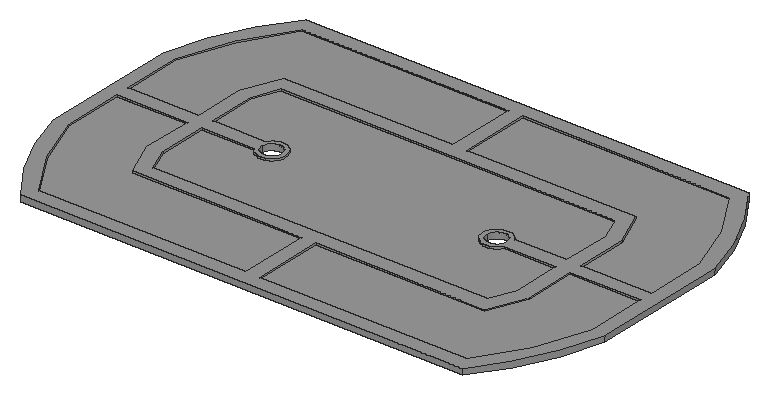
Revit family "ITK_Крышка для сплайс-кассеты", category Обобщенные модели, Revit 2019
Family settings
  Может служить основой для арматурных стержней = Нет
  Размер круглого соединителя = Использовать диаметр
  Тип детали = Нормальный
  На основе рабочей плоскости = Нет
  Всегда вертикально = Да
  При загрузке вырезать с полостями = Нет
  Общий = Нет
  Точка расчета площади = Нет
Parameters (values of type "FOSK-K")
  Степень защиты = ""
  Материал = Окраска - RAL 9005
  Изготовитель = "ITK"  # constant formula
  Дата изменения = ""
  Тип монтажа = ""  # constant formula
  URL = "https://www.iek.ru/"
  KSI_CPr_Строительные изделия = ""
  KSI_CMa_Строительные материалы = "01.7.14.03"  # constant formula
  IEK_Цена за единицу = 35.29
  IEK_Поиск в таблице имен = ""
  IEK_Описание = "Изготовлены из высококачественных материалов.\r\nСоответствие международным стандартам и ГОСТ Р."
  IEK_URL = "https://www.itk-group.ru/produktsiya/catalog/oborudovanie_telekommunikatsionnoe/komponenty_sks_opticheskie/komponenty_sks_opticheskie/opticheskie_krossy_19/itk_kryshka_dlya_splays_kassety"
  ADSK_Примечание = ""
  ADSK_Позиция [instance] = ""
  ADSK_Наименование = "ITK Крышка для сплайс-кассеты"
  ADSK_Материал обозначение = ""
  ADSK_Материал наименование = "Пластик"  # constant formula
  ADSK_Масса = 0.05
  ADSK_Марка = ""  # constant formula
  ADSK_Код изделия = "FOSK-K"
  ADSK_Завод-изготовитель = "IEK"  # constant formula
  ADSK_Единица измерения = "шт"  # constant formula
  ADSK_Группирование = "I. ЩИТЫ И ПУЛЬТЫ"  # constant formula
  ADSK_Версия семейства = "1.0"  # constant formula
  ADSK_Версия Revit = "2019"  # constant formula
  ADSK_URL страницы изделия = "https://www.itk-group.ru/produktsiya/catalog/oborudovanie_telekommunikatsionnoe/komponenty_sks_opticheskie/komponenty_sks_opticheskie/opticheskie_krossy_19/?pagec=30"
Reference planes
  plane 1 "По центру (Вперед/Назад)": y = 0
  plane 2: z = 0
  plane 3 "По центру (Влево/Вправо)": x = 0
  plane 4: x = -62.5
  plane 5: x = 62.5
  plane 6: z = 2
Forms (mm)
  Extrusion 1, solid, material "Окраска - RAL 9005" <- "Материал", detail levels fine
    sketch origin (0, 0, 0) x (1, 0, 0) y (0, 1, 0)
      loop
        line (-98, 24.434) -> (-98, -24.434)
        arc (-98, -24.434) -> (-90.406, -45.03) -> (-78.541, -63.5) r 101
        line (-78.541, -63.5) -> (78.541, -63.5)
        arc (78.541, -63.5) -> (90.406, -45.03) -> (98, -24.434) r 101
        line (98, -24.434) -> (98, 24.434)
        arc (98, 24.434) -> (90.406, 45.03) -> (78.541, 63.5) r 101
        line (78.541, 63.5) -> (-78.541, 63.5)
        arc (-78.541, 63.5) -> (-90.406, 45.03) -> (-98, 24.434) r 101
      loop
        circle (-39.988, 0) r 3.503
      loop
        circle (39.988, 0) r 3.503
    from 0 to 2
  Extrusion 2, void
    sketch origin (0, 0, 0) x (1, 0, 0) y (0, 1, 0)
      loop
        line (-93, 2.5) -> (-68, 2.5) -> (-68, 20.421)
        arc (-68, 20.421) -> (-65.627, 27.095) -> (-62.6, 33.5) r 71
        line (-62.6, 33.5) -> (-2.5, 33.5) -> (-2.5, 58.5) -> (-76.117, 58.5)
        arc (-76.117, 58.5) -> (-86.319, 42.013) -> (-93, 23.812) r 96
        line (-93, 23.812) -> (-93, 2.5)
      loop
        arc (-93, -23.812) -> (-86.319, -42.013) -> (-76.117, -58.5) r 96
        line (-76.117, -58.5) -> (-2.5, -58.5) -> (-2.5, -33.5) -> (-62.6, -33.5)
        arc (-62.6, -33.5) -> (-65.627, -27.095) -> (-68, -20.421) r 71
        line (-68, -20.421) -> (-68, -2.5) -> (-93, -2.5) -> (-93, -23.812)
      loop
        line (2.5, -58.5) -> (76.117, -58.5)
        arc (76.117, -58.5) -> (86.319, -42.013) -> (93, -23.812) r 96
        line (93, -23.812) -> (93, -2.5) -> (68, -2.5) -> (68, -20.421)
        arc (68, -20.421) -> (65.627, -27.095) -> (62.6, -33.5) r 71
        line (62.6, -33.5) -> (2.5, -33.5) -> (2.5, -58.5)
      loop
        line (68, 2.5) -> (93, 2.5) -> (93, 23.812)
        arc (93, 23.812) -> (86.319, 42.013) -> (76.117, 58.5) r 96
        line (76.117, 58.5) -> (2.5, 58.5) -> (2.5, 33.5) -> (62.6, 33.5)
        arc (62.6, 33.5) -> (65.627, 27.095) -> (68, 20.421) r 71
        line (68, 20.421) -> (68, 2.5)
      loop
        arc (-59.529, 28.5) -> (-61.423, 24.149) -> (-63, 19.672) r 66
        line (-63, 19.672) -> (-63, 2.5) -> (-44.33, 2.5)
        arc (-44.33, 2.5) -> (-42.5, 4.33) -> (-40, 5) r 5
        arc (-40, 5) -> (-35, 0) -> (-40, -5) r 5
        arc (-40, -5) -> (-42.5, -4.33) -> (-44.33, -2.5) r 5
        line (-44.33, -2.5) -> (-63, -2.5) -> (-63, -19.672)
        arc (-63, -19.672) -> (-61.423, -24.149) -> (-59.529, -28.5) r 66
        line (-59.529, -28.5) -> (59.529, -28.5)
        arc (59.529, -28.5) -> (61.423, -24.149) -> (63, -19.672) r 66
        line (63, -19.672) -> (63, -2.5) -> (44.33, -2.5)
        arc (44.33, -2.5) -> (42.5, -4.33) -> (40, -5) r 5
        arc (40, -5) -> (35, 0) -> (40, 5) r 5
        arc (40, 5) -> (42.5, 4.33) -> (44.33, 2.5) r 5
        line (44.33, 2.5) -> (63, 2.5) -> (63, 19.672)
        arc (63, 19.672) -> (61.423, 24.149) -> (59.529, 28.5) r 66
        line (59.529, 28.5) -> (-59.529, 28.5)
    from 1.5 to 3.39
  Extrusion 3, solid, material "Условный материал-отделка", detail levels coarse+medium
    sketch origin (0, 0, 0) x (1, 0, 0) y (0, 1, 0)
      loop
        line (-98, 24.434) -> (-98, -24.434)
        arc (-98, -24.434) -> (-90.406, -45.03) -> (-78.541, -63.5) r 101
        line (-78.541, -63.5) -> (78.541, -63.5)
        arc (78.541, -63.5) -> (90.406, -45.03) -> (98, -24.434) r 101
        line (98, -24.434) -> (98, 24.434)
        arc (98, 24.434) -> (90.406, 45.03) -> (78.541, 63.5) r 101
        line (78.541, 63.5) -> (-78.541, 63.5)
        arc (-78.541, 63.5) -> (-90.406, 45.03) -> (-98, 24.434) r 101
    from 0 to 2
Cuts and joins
  Extrusion 2 cuts Extrusion 1
Dimensions and locks
  equal spacing: plane 5, plane 3 "По центру (Влево/Вправо)", plane 4
  plane 5 to plane 4 = 125 mm
  aligned and locked: level to plane 2
  aligned and locked: Extrusion 3 to cut or joined group of Extrusion 1, Extrusion 2
Automatic sketch dimensions
  Extrusion 1 sketch curve to Extrusion 1 sketch curve = 0 mm  (x12)
  plane 1 "По центру (Вперед/Назад)" to Extrusion 1 sketch curve = 0 mm  (x3)
  Extrusion 1 sketch curve to plane 3 "По центру (Влево/Вправо)" = 0 mm
  plane 4 to Extrusion 1 sketch curve = 22.512 mm
  Extrusion 1 sketch curve to plane 4 = 16.041 mm  (x2)
  Extrusion 1 sketch curve to plane 4 = 35.5 mm
  Extrusion 1 sketch curve to plane 5 = 22.512 mm
  plane 5 to Extrusion 1 sketch curve = 16.041 mm  (x2)
  plane 1 "По центру (Вперед/Назад)" to Extrusion 1 sketch curve = 24.434 mm
  Extrusion 1 sketch curve to Extrusion 1 sketch curve = 19.459 mm
  Extrusion 1 sketch curve to plane 1 "По центру (Вперед/Назад)" = 24.434 mm
  Extrusion 2 sketch curve to Extrusion 2 sketch curve = 0 mm  (x36)
  plane 1 "По центру (Вперед/Назад)" to Extrusion 2 sketch curve = 0 mm  (x3)
  Extrusion 2 sketch curve to plane 3 "По центру (Влево/Вправо)" = 0 mm
  Extrusion 2 sketch curve to plane 3 "По центру (Влево/Вправо)" = 2.5 mm  (x2)
  Extrusion 2 sketch curve to plane 4 = 0.1 mm  (x2)
  Extrusion 2 sketch curve to plane 1 "По центру (Вперед/Назад)" = 2.5 mm  (x4)
  Extrusion 2 sketch curve to plane 4 = 5.5 mm  (x2)
  Extrusion 2 sketch curve to plane 4 = 13.617 mm  (x2)
  Extrusion 2 sketch curve to Extrusion 2 sketch curve = 25 mm  (x4)
  Extrusion 2 sketch curve to Extrusion 2 sketch curve = 17.921 mm  (x3)
  Extrusion 2 sketch curve to Extrusion 2 sketch curve = 21.312 mm  (x3)
  plane 1 "По центру (Вперед/Назад)" to Extrusion 2 sketch curve = 2.5 mm  (x4)
  plane 3 "По центру (Влево/Вправо)" to Extrusion 2 sketch curve = 2.5 mm  (x2)
  plane 5 to Extrusion 2 sketch curve = 0.1 mm  (x2)
  plane 5 to Extrusion 2 sketch curve = 5.5 mm
  plane 5 to Extrusion 2 sketch curve = 13.617 mm  (x2)
  Extrusion 2 sketch curve to Extrusion 2 sketch curve = 56 mm
  Extrusion 2 sketch curve to plane 4 = 0.5 mm  (x2)
  plane 4 to Extrusion 2 sketch curve = 2.971 mm  (x2)
  plane 4 to Extrusion 2 sketch curve = 18.17 mm
  Extrusion 2 sketch curve to Extrusion 2 sketch curve = 4.33 mm  (x2)
  Extrusion 2 sketch curve to plane 5 = 22.5 mm
  Extrusion 2 sketch curve to plane 5 = 2.971 mm  (x2)
  plane 5 to Extrusion 2 sketch curve = 0.5 mm  (x2)
  Extrusion 2 sketch curve to Extrusion 2 sketch curve = 5 mm
  Extrusion 2 sketch curve to Extrusion 2 sketch curve = 0.748 mm
  Extrusion 3 sketch curve to Extrusion 3 sketch curve = 0 mm  (x12)
  plane 1 "По центру (Вперед/Назад)" to Extrusion 3 sketch curve = 0 mm
  Extrusion 3 sketch curve to plane 3 "По центру (Влево/Вправо)" = 0 mm
  Extrusion 3 sketch curve to plane 4 = 16.041 mm  (x2)
  plane 1 "По центру (Вперед/Назад)" to Extrusion 3 sketch curve = 24.434 mm  (x2)
  Extrusion 3 sketch curve to plane 4 = 35.5 mm
  plane 5 to Extrusion 3 sketch curve = 16.041 mm  (x2)
  Extrusion 3 sketch curve to plane 1 "По центру (Вперед/Назад)" = 24.434 mm
  radius of Extrusion 1 sketch curve = 3.503 mm  (x2)
